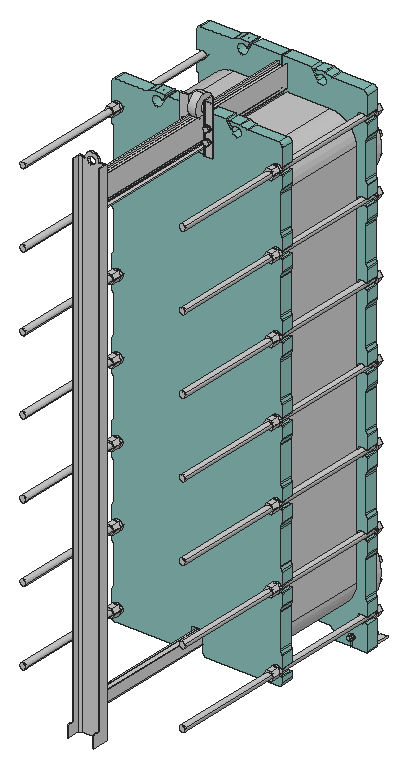
Revit family "MIT 5125 - Heat Exchanger", category Specialty Equipment, Revit 2022
Family settings
  Round Connector Dimension = Use Diameter
  Part Type = Normal
  Work Plane-Based = No
  Always vertical = No
  Cut with Voids When Loaded = No
  Maintain Annotation Orientation = No
  Shared = No
  Room Calculation Point = No
Parameters (values of type "Flanged")
  URL = "https://en.ekinendustriyel.com/plate-heat-exchanger"
  Type Comments = ""
  Tightening Bolt = if(Design Pressure < 11.0 bar, 30.00 mm, if(Design Pressure < 17.0 bar, 36.00 mm, 45.00 mm))  # 30.00 mm
  Thickness_of_Plate [instance] = 0.50 mm  # constant formula
  Number_of_Plate [instance] = 160
  Model = if(Hygienic, if(Design Pressure < 11.0 bar, "H12340000F300L", if(Design Pressure < 16.0 bar, " H12340000F300M", " H12340000F300H")), if(Design Pressure < 10.0 bar, "E12340000F2300L", if(Design Pressure < 16.0 bar, " E12340000F300M", " E12340000F300H")))  # "H12340000F300L"
  Material = Galvanized Steel- S235JR
  Manufacturer = "Ekin Endüstriyel"
  M30 = Design Pressure > 10.0 bar  # no
  Lk [instance] = (Number_of_Plate) * ((Thickness_of_Plate) + 2.50 mm)  # 480.00 mm
  Lh [instance] = 2565.00 mm  # constant formula
  Lf [instance] = 2485.00 mm  # constant formula
  Lc [instance] = if(Number_of_Plate < 161, 1200.00 mm, if(Number_of_Plate < 281, 1800.00 mm, if(Number_of_Plate < 421, 2400.00 mm, 3000.00 mm)))  # 1200.00 mm
  La [instance] = 865.00 mm  # constant formula
  Keynote = ""
  Industrial [instance] = not(Hygienic)  # no
  Hygienic = yes
  Head & Follower Plate [instance] = if(Design Pressure < 11.0 bar, 60.00 mm, if(Design Pressure < 17.0 bar, 70.00 mm, 90.00 mm))  # 60.00 mm
  Follower Plate [instance] = -(Head & Follower Plate)  # -60.00 mm
  Design Pressure = 7 bar
  Description = if(Design Pressure < 11.0 bar, "MIT - Heat Exchanger - 10 bar", if(Design Pressure < 16.0 bar, " MIT - Heat Exchanger - 16 bar", " MIT - Heat Exchanger - 25 bar"))  # "MIT - Heat Exchanger - 10 bar"
  Default Elevation = 0.00 mm
Reference planes
  plane 1 "Center (Front/Back)": y = 0
  plane 2: z = 0
  plane 3 "Center (Left/Right)": x = 0
  plane 4: x = 1160
  plane 5: x = -1000
  plane 6 "2": y = -540
  plane 7 "1": y = -60
  plane 8 "3": y = -1260
  plane 9 "Bolt End": y = 18.7
  plane 10: y = -1200
  plane 11 "12": z = 2256
Forms (mm)
  Extrusion 1, solid, material "Galvanized Steel", detail levels fine
    sketch origin (4.063, 0, 0) x (1, 0, 0) y (0, 0, 1)
      loop
        line (-1.063, 2562) -> (-1.063, 2515.593)
        arc (-1.063, 2515.593) -> (-0.613, 2514.012) -> (0.604, 2512.906) r 3
        arc (0.604, 2512.906) -> (6.437, 2503.5) -> (0.604, 2494.094) r 10.5
        arc (0.604, 2494.094) -> (-0.613, 2492.988) -> (-1.063, 2491.407) r 3
        line (-1.063, 2491.407) -> (-1.063, 2455.593)
        arc (-1.063, 2455.593) -> (-0.613, 2454.012) -> (0.604, 2452.906) r 3
        arc (0.604, 2452.906) -> (-4.063, 2433) -> (-8.73, 2452.906) r 10.5
        arc (-8.73, 2452.906) -> (-7.514, 2454.012) -> (-7.063, 2455.593) r 3
        line (-7.063, 2455.593) -> (-7.063, 2491.407)
        arc (-7.063, 2491.407) -> (-7.514, 2492.988) -> (-8.73, 2494.094) r 3
        arc (-8.73, 2494.094) -> (-14.563, 2503.5) -> (-8.73, 2512.906) r 10.5
        arc (-8.73, 2512.906) -> (-7.514, 2514.012) -> (-7.063, 2515.593) r 3
        line (-7.063, 2515.593) -> (-7.063, 2562)
        arc (-7.063, 2562) -> (-7.942, 2564.121) -> (-10.063, 2565) r 3
        line (-10.063, 2565) -> (-152.101, 2565) -> (-182.412, 2512.5)
        arc (-182.412, 2512.5) -> (-228.985, 2523.022) -> (-184.655, 2540.758) r 25
        arc (-184.655, 2540.758) -> (-182.089, 2539.659) -> (-179.728, 2541.15) r 3
        line (-179.728, 2541.15) -> (-168.556, 2560.5)
        arc (-168.556, 2560.5) -> (-168.556, 2563.5) -> (-171.154, 2565) r 3
        line (-171.154, 2565) -> (-217.536, 2565)
        arc (-217.536, 2565) -> (-221.009, 2564.696) -> (-224.377, 2563.794) r 20
        line (-224.377, 2563.794) -> (-250.719, 2554.206)
        arc (-250.719, 2554.206) -> (-254.086, 2553.304) -> (-257.559, 2553) r 20
        line (-257.559, 2553) -> (-416.563, 2553)
        arc (-416.563, 2553) -> (-430.705, 2547.142) -> (-436.563, 2533) r 20
        line (-436.563, 2533) -> (-436.563, 2446)
        arc (-436.563, 2446) -> (-435.684, 2443.879) -> (-433.563, 2443) r 3
        line (-433.563, 2443) -> (-422.554, 2443)
        arc (-422.554, 2443) -> (-421.636, 2443.144) -> (-420.805, 2443.562) r 3
        arc (-420.805, 2443.562) -> (-387.563, 2426.5) -> (-420.805, 2409.437) r 21
        arc (-420.805, 2409.437) -> (-421.636, 2409.856) -> (-422.554, 2410) r 3
        line (-422.554, 2410) -> (-433.563, 2410)
        arc (-433.563, 2410) -> (-435.684, 2409.121) -> (-436.563, 2407) r 3
        line (-436.563, 2407) -> (-436.563, 2349.506)
        arc (-436.563, 2349.506) -> (-436.259, 2346.033) -> (-435.357, 2342.666) r 20
        line (-435.357, 2342.666) -> (-429.769, 2327.314)
        arc (-429.769, 2327.314) -> (-428.867, 2323.946) -> (-428.563, 2320.473) r 20
        line (-428.563, 2320.473) -> (-428.563, 2152.527)
        arc (-428.563, 2152.527) -> (-428.867, 2149.054) -> (-429.769, 2145.686) r 20
        line (-429.769, 2145.686) -> (-435.357, 2130.334)
        arc (-435.357, 2130.334) -> (-436.259, 2126.967) -> (-436.563, 2123.494) r 20
        line (-436.563, 2123.494) -> (-436.563, 2066)
        arc (-436.563, 2066) -> (-435.684, 2063.879) -> (-433.563, 2063) r 3
        line (-433.563, 2063) -> (-422.554, 2063)
        arc (-422.554, 2063) -> (-421.636, 2063.144) -> (-420.805, 2063.562) r 3
        arc (-420.805, 2063.562) -> (-387.563, 2046.5) -> (-420.805, 2029.437) r 21
        arc (-420.805, 2029.437) -> (-421.636, 2029.856) -> (-422.554, 2030) r 3
        line (-422.554, 2030) -> (-433.563, 2030)
        arc (-433.563, 2030) -> (-435.684, 2029.121) -> (-436.563, 2027) r 3
        line (-436.563, 2027) -> (-436.563, 1969.506)
        arc (-436.563, 1969.506) -> (-436.259, 1966.033) -> (-435.357, 1962.666) r 20
        line (-435.357, 1962.666) -> (-429.769, 1947.314)
        arc (-429.769, 1947.314) -> (-428.867, 1943.946) -> (-428.563, 1940.473) r 20
        line (-428.563, 1940.473) -> (-428.563, 1772.527)
        arc (-428.563, 1772.527) -> (-428.867, 1769.054) -> (-429.769, 1765.686) r 20
        line (-429.769, 1765.686) -> (-435.357, 1750.334)
        arc (-435.357, 1750.334) -> (-436.259, 1746.967) -> (-436.563, 1743.494) r 20
        line (-436.563, 1743.494) -> (-436.563, 1686)
        arc (-436.563, 1686) -> (-435.684, 1683.879) -> (-433.563, 1683) r 3
        line (-433.563, 1683) -> (-422.554, 1683)
        arc (-422.554, 1683) -> (-421.636, 1683.144) -> (-420.805, 1683.562) r 3
        arc (-420.805, 1683.562) -> (-387.563, 1666.5) -> (-420.805, 1649.437) r 21
        arc (-420.805, 1649.437) -> (-421.636, 1649.856) -> (-422.554, 1650) r 3
        line (-422.554, 1650) -> (-433.563, 1650)
        arc (-433.563, 1650) -> (-435.684, 1649.121) -> (-436.563, 1647) r 3
        line (-436.563, 1647) -> (-436.563, 1589.506)
        arc (-436.563, 1589.506) -> (-436.259, 1586.033) -> (-435.357, 1582.666) r 20
        line (-435.357, 1582.666) -> (-429.769, 1567.314)
        arc (-429.769, 1567.314) -> (-428.867, 1563.946) -> (-428.563, 1560.473) r 20
        line (-428.563, 1560.473) -> (-428.563, 1392.527)
        arc (-428.563, 1392.527) -> (-428.867, 1389.054) -> (-429.769, 1385.686) r 20
        line (-429.769, 1385.686) -> (-435.357, 1370.334)
        arc (-435.357, 1370.334) -> (-436.259, 1366.967) -> (-436.563, 1363.494) r 20
        line (-436.563, 1363.494) -> (-436.563, 1306)
        arc (-436.563, 1306) -> (-435.684, 1303.879) -> (-433.563, 1303) r 3
        line (-433.563, 1303) -> (-422.554, 1303)
        arc (-422.554, 1303) -> (-421.636, 1303.144) -> (-420.805, 1303.562) r 3
        arc (-420.805, 1303.562) -> (-387.563, 1286.5) -> (-420.805, 1269.437) r 21
        arc (-420.805, 1269.437) -> (-421.636, 1269.856) -> (-422.554, 1270) r 3
        line (-422.554, 1270) -> (-433.563, 1270)
        arc (-433.563, 1270) -> (-435.684, 1269.121) -> (-436.563, 1267) r 3
        line (-436.563, 1267) -> (-436.563, 1209.506)
        arc (-436.563, 1209.506) -> (-436.259, 1206.033) -> (-435.357, 1202.666) r 20
        line (-435.357, 1202.666) -> (-429.769, 1187.314)
        arc (-429.769, 1187.314) -> (-428.867, 1183.946) -> (-428.563, 1180.473) r 20
        line (-428.563, 1180.473) -> (-428.563, 1012.527)
        arc (-428.563, 1012.527) -> (-428.867, 1009.054) -> (-429.769, 1005.686) r 20
        line (-429.769, 1005.686) -> (-435.357, 990.334)
        arc (-435.357, 990.334) -> (-436.259, 986.967) -> (-436.563, 983.494) r 20
        line (-436.563, 983.494) -> (-436.563, 926)
        arc (-436.563, 926) -> (-435.684, 923.879) -> (-433.563, 923) r 3
        line (-433.563, 923) -> (-422.554, 923)
        arc (-422.554, 923) -> (-421.636, 923.144) -> (-420.805, 923.562) r 3
        arc (-420.805, 923.562) -> (-387.563, 906.5) -> (-420.805, 889.437) r 21
        arc (-420.805, 889.437) -> (-421.636, 889.856) -> (-422.554, 890) r 3
        line (-422.554, 890) -> (-433.563, 890)
        arc (-433.563, 890) -> (-435.684, 889.121) -> (-436.563, 887) r 3
        line (-436.563, 887) -> (-436.563, 829.506)
        arc (-436.563, 829.506) -> (-436.259, 826.033) -> (-435.357, 822.666) r 20
        line (-435.357, 822.666) -> (-429.769, 807.314)
        arc (-429.769, 807.314) -> (-428.867, 803.946) -> (-428.563, 800.473) r 20
        line (-428.563, 800.473) -> (-428.563, 632.527)
        arc (-428.563, 632.527) -> (-428.867, 629.054) -> (-429.769, 625.686) r 20
        line (-429.769, 625.686) -> (-435.357, 610.334)
        arc (-435.357, 610.334) -> (-436.259, 606.967) -> (-436.563, 603.494) r 20
        line (-436.563, 603.494) -> (-436.563, 546)
        arc (-436.563, 546) -> (-435.684, 543.879) -> (-433.563, 543) r 3
        line (-433.563, 543) -> (-422.554, 543)
        arc (-422.554, 543) -> (-421.636, 543.144) -> (-420.805, 543.562) r 3
        arc (-420.805, 543.562) -> (-387.563, 526.5) -> (-420.805, 509.437) r 21
        arc (-420.805, 509.437) -> (-421.636, 509.856) -> (-422.554, 510) r 3
        line (-422.554, 510) -> (-433.563, 510)
        arc (-433.563, 510) -> (-435.684, 509.121) -> (-436.563, 507) r 3
        line (-436.563, 507) -> (-436.563, 449.506)
        arc (-436.563, 449.506) -> (-436.259, 446.033) -> (-435.357, 442.666) r 20
        line (-435.357, 442.666) -> (-429.769, 427.314)
        arc (-429.769, 427.314) -> (-428.867, 423.946) -> (-428.563, 420.473) r 20
        line (-428.563, 420.473) -> (-428.563, 252.527)
        arc (-428.563, 252.527) -> (-428.867, 249.054) -> (-429.769, 245.686) r 20
        line (-429.769, 245.686) -> (-435.357, 230.334)
        arc (-435.357, 230.334) -> (-436.259, 226.967) -> (-436.563, 223.494) r 20
        line (-436.563, 223.494) -> (-436.563, 166)
        arc (-436.563, 166) -> (-435.684, 163.879) -> (-433.563, 163) r 3
        line (-433.563, 163) -> (-422.554, 163)
        arc (-422.554, 163) -> (-421.636, 163.144) -> (-420.805, 163.562) r 3
        arc (-420.805, 163.562) -> (-387.563, 146.5) -> (-420.805, 129.437) r 21
        arc (-420.805, 129.437) -> (-421.636, 129.856) -> (-422.554, 130) r 3
        line (-422.554, 130) -> (-436.563, 130) -> (-436.563, 5)
        arc (-436.563, 5) -> (-435.099, 1.464) -> (-431.563, 0) r 5
        line (-431.563, 0) -> (-362.563, 0)
        arc (-362.563, 0) -> (-360.442, 0.879) -> (-359.563, 3) r 3
        line (-359.563, 3) -> (-359.563, 32.907)
        arc (-359.563, 32.907) -> (-360.014, 34.488) -> (-361.23, 35.594) r 3
        arc (-361.23, 35.594) -> (-356.563, 55.5) -> (-351.896, 35.594) r 10.5
        arc (-351.896, 35.594) -> (-353.113, 34.488) -> (-353.563, 32.907) r 3
        line (-353.563, 32.907) -> (-353.563, 3)
        arc (-353.563, 3) -> (-352.684, 0.879) -> (-350.563, 0) r 3
        line (-350.563, 0) -> (-281.563, 0)
        arc (-281.563, 0) -> (-278.027, 1.464) -> (-276.563, 5) r 5
        line (-276.563, 5) -> (-276.563, 25.858)
        arc (-276.563, 25.858) -> (-275.802, 29.685) -> (-273.634, 32.929) r 10
        line (-273.634, 32.929) -> (-249.492, 57.071)
        arc (-249.492, 57.071) -> (-246.248, 59.239) -> (-242.421, 60) r 10
        line (-242.421, 60) -> (-10.063, 60)
        arc (-10.063, 60) -> (-7.942, 60.879) -> (-7.063, 63) r 3
        line (-7.063, 63) -> (-7.063, 92.407)
        arc (-7.063, 92.407) -> (-7.514, 93.988) -> (-8.73, 95.094) r 3
        arc (-8.73, 95.094) -> (-14.563, 104.5) -> (-8.73, 113.906) r 10.5
        arc (-8.73, 113.906) -> (-7.514, 115.012) -> (-7.063, 116.593) r 3
        line (-7.063, 116.593) -> (-7.063, 152.407)
        arc (-7.063, 152.407) -> (-7.514, 153.988) -> (-8.73, 155.094) r 3
        arc (-8.73, 155.094) -> (-4.063, 175) -> (0.604, 155.094) r 10.5
        arc (0.604, 155.094) -> (-0.613, 153.988) -> (-1.063, 152.407) r 3
        line (-1.063, 152.407) -> (-1.063, 116.593)
        arc (-1.063, 116.593) -> (-0.613, 115.012) -> (0.604, 113.906) r 3
        arc (0.604, 113.906) -> (6.437, 104.5) -> (0.604, 95.094) r 10.5
        arc (0.604, 95.094) -> (-0.613, 93.988) -> (-1.063, 92.407) r 3
        line (-1.063, 92.407) -> (-1.063, 63)
        arc (-1.063, 63) -> (-0.184, 60.879) -> (1.937, 60) r 3
        line (1.937, 60) -> (234.295, 60)
        arc (234.295, 60) -> (238.122, 59.239) -> (241.366, 57.071) r 10
        line (241.366, 57.071) -> (265.508, 32.929)
        arc (265.508, 32.929) -> (267.676, 29.685) -> (268.437, 25.858) r 10
        line (268.437, 25.858) -> (268.437, 5)
        arc (268.437, 5) -> (269.901, 1.464) -> (273.437, 0) r 5
        line (273.437, 0) -> (342.437, 0)
        arc (342.437, 0) -> (344.558, 0.879) -> (345.437, 3) r 3
        line (345.437, 3) -> (345.437, 32.907)
        arc (345.437, 32.907) -> (344.986, 34.488) -> (343.77, 35.594) r 3
        arc (343.77, 35.594) -> (348.437, 55.5) -> (353.104, 35.594) r 10.5
        arc (353.104, 35.594) -> (351.887, 34.488) -> (351.437, 32.907) r 3
        line (351.437, 32.907) -> (351.437, 3)
        arc (351.437, 3) -> (352.316, 0.879) -> (354.437, 0) r 3
        line (354.437, 0) -> (423.437, 0)
        arc (423.437, 0) -> (426.973, 1.464) -> (428.437, 5) r 5
        line (428.437, 5) -> (428.437, 130) -> (414.428, 130)
        arc (414.428, 130) -> (413.509, 129.856) -> (412.679, 129.437) r 3
        arc (412.679, 129.437) -> (379.437, 146.5) -> (412.679, 163.562) r 21
        arc (412.679, 163.562) -> (413.509, 163.144) -> (414.428, 163) r 3
        line (414.428, 163) -> (425.437, 163)
        arc (425.437, 163) -> (427.558, 163.879) -> (428.437, 166) r 3
        line (428.437, 166) -> (428.437, 223.494)
        arc (428.437, 223.494) -> (428.133, 226.967) -> (427.231, 230.334) r 20
        line (427.231, 230.334) -> (421.643, 245.686)
        arc (421.643, 245.686) -> (420.741, 249.054) -> (420.437, 252.527) r 20
        line (420.437, 252.527) -> (420.437, 420.473)
        arc (420.437, 420.473) -> (420.741, 423.946) -> (421.643, 427.314) r 20
        line (421.643, 427.314) -> (427.231, 442.666)
        arc (427.231, 442.666) -> (428.133, 446.033) -> (428.437, 449.506) r 20
        line (428.437, 449.506) -> (428.437, 507)
        arc (428.437, 507) -> (427.558, 509.121) -> (425.437, 510) r 3
        line (425.437, 510) -> (414.428, 510)
        arc (414.428, 510) -> (413.509, 509.856) -> (412.679, 509.437) r 3
        arc (412.679, 509.437) -> (379.437, 526.5) -> (412.679, 543.562) r 21
        arc (412.679, 543.562) -> (413.509, 543.144) -> (414.428, 543) r 3
        line (414.428, 543) -> (425.437, 543)
        arc (425.437, 543) -> (427.558, 543.879) -> (428.437, 546) r 3
        line (428.437, 546) -> (428.437, 603.494)
        arc (428.437, 603.494) -> (428.133, 606.967) -> (427.231, 610.334) r 20
        line (427.231, 610.334) -> (421.643, 625.686)
        arc (421.643, 625.686) -> (420.741, 629.054) -> (420.437, 632.527) r 20
        line (420.437, 632.527) -> (420.437, 800.473)
        arc (420.437, 800.473) -> (420.741, 803.946) -> (421.643, 807.314) r 20
        line (421.643, 807.314) -> (427.231, 822.666)
        arc (427.231, 822.666) -> (428.133, 826.033) -> (428.437, 829.506) r 20
        line (428.437, 829.506) -> (428.437, 887)
        arc (428.437, 887) -> (427.558, 889.121) -> (425.437, 890) r 3
        line (425.437, 890) -> (414.428, 890)
        arc (414.428, 890) -> (413.509, 889.856) -> (412.679, 889.437) r 3
        arc (412.679, 889.437) -> (379.437, 906.5) -> (412.679, 923.562) r 21
        arc (412.679, 923.562) -> (413.509, 923.144) -> (414.428, 923) r 3
        line (414.428, 923) -> (425.437, 923)
        arc (425.437, 923) -> (427.558, 923.879) -> (428.437, 926) r 3
        line (428.437, 926) -> (428.437, 983.494)
        arc (428.437, 983.494) -> (428.133, 986.967) -> (427.231, 990.334) r 20
        line (427.231, 990.334) -> (421.643, 1005.686)
        arc (421.643, 1005.686) -> (420.741, 1009.054) -> (420.437, 1012.527) r 20
        line (420.437, 1012.527) -> (420.437, 1180.473)
        arc (420.437, 1180.473) -> (420.741, 1183.946) -> (421.643, 1187.314) r 20
        line (421.643, 1187.314) -> (427.231, 1202.666)
        arc (427.231, 1202.666) -> (428.133, 1206.033) -> (428.437, 1209.506) r 20
        line (428.437, 1209.506) -> (428.437, 1267)
        arc (428.437, 1267) -> (427.558, 1269.121) -> (425.437, 1270) r 3
        line (425.437, 1270) -> (414.428, 1270)
        arc (414.428, 1270) -> (413.509, 1269.856) -> (412.679, 1269.437) r 3
        arc (412.679, 1269.437) -> (379.437, 1286.5) -> (412.679, 1303.562) r 21
        arc (412.679, 1303.562) -> (413.509, 1303.144) -> (414.428, 1303) r 3
        line (414.428, 1303) -> (425.437, 1303)
        arc (425.437, 1303) -> (427.558, 1303.879) -> (428.437, 1306) r 3
        line (428.437, 1306) -> (428.437, 1363.494)
        arc (428.437, 1363.494) -> (428.133, 1366.967) -> (427.231, 1370.334) r 20
        line (427.231, 1370.334) -> (421.643, 1385.686)
        arc (421.643, 1385.686) -> (420.741, 1389.054) -> (420.437, 1392.527) r 20
        line (420.437, 1392.527) -> (420.437, 1560.473)
        arc (420.437, 1560.473) -> (420.741, 1563.946) -> (421.643, 1567.314) r 20
        line (421.643, 1567.314) -> (427.231, 1582.666)
        arc (427.231, 1582.666) -> (428.133, 1586.033) -> (428.437, 1589.506) r 20
        line (428.437, 1589.506) -> (428.437, 1647)
        arc (428.437, 1647) -> (427.558, 1649.121) -> (425.437, 1650) r 3
        line (425.437, 1650) -> (414.428, 1650)
        arc (414.428, 1650) -> (413.509, 1649.856) -> (412.679, 1649.437) r 3
        arc (412.679, 1649.437) -> (379.437, 1666.5) -> (412.679, 1683.562) r 21
        arc (412.679, 1683.562) -> (413.509, 1683.144) -> (414.428, 1683) r 3
        line (414.428, 1683) -> (425.437, 1683)
        arc (425.437, 1683) -> (427.558, 1683.879) -> (428.437, 1686) r 3
        line (428.437, 1686) -> (428.437, 1743.494)
        arc (428.437, 1743.494) -> (428.133, 1746.967) -> (427.231, 1750.334) r 20
        line (427.231, 1750.334) -> (421.643, 1765.686)
        arc (421.643, 1765.686) -> (420.741, 1769.054) -> (420.437, 1772.527) r 20
        line (420.437, 1772.527) -> (420.437, 1940.473)
        arc (420.437, 1940.473) -> (420.741, 1943.946) -> (421.643, 1947.314) r 20
        line (421.643, 1947.314) -> (427.231, 1962.666)
        arc (427.231, 1962.666) -> (428.133, 1966.033) -> (428.437, 1969.506) r 20
        line (428.437, 1969.506) -> (428.437, 2027)
        arc (428.437, 2027) -> (427.558, 2029.121) -> (425.437, 2030) r 3
        line (425.437, 2030) -> (414.428, 2030)
        arc (414.428, 2030) -> (413.509, 2029.856) -> (412.679, 2029.437) r 3
        arc (412.679, 2029.437) -> (379.437, 2046.5) -> (412.679, 2063.562) r 21
        arc (412.679, 2063.562) -> (413.509, 2063.144) -> (414.428, 2063) r 3
        line (414.428, 2063) -> (425.437, 2063)
        arc (425.437, 2063) -> (427.558, 2063.879) -> (428.437, 2066) r 3
        line (428.437, 2066) -> (428.437, 2123.494)
        arc (428.437, 2123.494) -> (428.133, 2126.967) -> (427.231, 2130.334) r 20
        line (427.231, 2130.334) -> (421.643, 2145.686)
        arc (421.643, 2145.686) -> (420.741, 2149.054) -> (420.437, 2152.527) r 20
        line (420.437, 2152.527) -> (420.437, 2320.473)
        arc (420.437, 2320.473) -> (420.741, 2323.946) -> (421.643, 2327.314) r 20
        line (421.643, 2327.314) -> (427.231, 2342.666)
        arc (427.231, 2342.666) -> (428.133, 2346.033) -> (428.437, 2349.506) r 20
        line (428.437, 2349.506) -> (428.437, 2407)
        arc (428.437, 2407) -> (427.558, 2409.121) -> (425.437, 2410) r 3
        line (425.437, 2410) -> (414.428, 2410)
        arc (414.428, 2410) -> (413.509, 2409.856) -> (412.679, 2409.437) r 3
        arc (412.679, 2409.437) -> (379.437, 2426.5) -> (412.679, 2443.562) r 21
        arc (412.679, 2443.562) -> (413.509, 2443.144) -> (414.428, 2443) r 3
        line (414.428, 2443) -> (425.437, 2443)
        arc (425.437, 2443) -> (427.558, 2443.879) -> (428.437, 2446) r 3
        line (428.437, 2446) -> (428.437, 2533)
        arc (428.437, 2533) -> (422.579, 2547.142) -> (408.437, 2553) r 20
        line (408.437, 2553) -> (249.433, 2553)
        arc (249.433, 2553) -> (245.96, 2553.304) -> (242.593, 2554.206) r 20
        line (242.593, 2554.206) -> (216.251, 2563.794)
        arc (216.251, 2563.794) -> (212.883, 2564.696) -> (209.41, 2565) r 20
        line (209.41, 2565) -> (163.028, 2565)
        arc (163.028, 2565) -> (160.43, 2563.5) -> (160.43, 2560.5) r 3
        line (160.43, 2560.5) -> (171.602, 2541.15)
        arc (171.602, 2541.15) -> (173.963, 2539.659) -> (176.529, 2540.758) r 3
        arc (176.529, 2540.758) -> (220.859, 2523.022) -> (174.286, 2512.5) r 25
        line (174.286, 2512.5) -> (143.975, 2565) -> (1.937, 2565)
        arc (1.937, 2565) -> (-0.184, 2564.121) -> (-1.063, 2562) r 3
      loop
        circle (215.437, 2256) r 109
      loop
        circle (215.437, 317) r 109
      loop
        circle (-223.563, 2256) r 109
      loop
        circle (-223.563, 317) r 109
    from 0 to 60
  Extrusion 2, solid, material "Galvanized Steel", detail levels fine
    sketch origin (4.063, -540, 0) x (-1, 0, 0) y (0, 0, 1)
      loop
        line (-54.187, 2513) -> (-54.187, 2562)
        arc (-54.187, 2562) -> (-55.066, 2564.121) -> (-57.187, 2565) r 3
        line (-57.187, 2565) -> (-142.243, 2565)
        arc (-142.243, 2565) -> (-143.743, 2564.598) -> (-144.841, 2563.5) r 3
        line (-144.841, 2563.5) -> (-174.286, 2512.5)
        arc (-174.286, 2512.5) -> (-220.917, 2523.992) -> (-175.364, 2539.204) r 25
        arc (-175.364, 2539.204) -> (-172.775, 2537.911) -> (-170.297, 2539.409) r 3
        line (-170.297, 2539.409) -> (-158.121, 2560.5)
        arc (-158.121, 2560.5) -> (-158.121, 2563.5) -> (-160.719, 2565) r 3
        line (-160.719, 2565) -> (-212.41, 2565)
        arc (-212.41, 2565) -> (-215.883, 2564.696) -> (-219.251, 2563.794) r 20
        line (-219.251, 2563.794) -> (-245.593, 2554.206)
        arc (-245.593, 2554.206) -> (-248.96, 2553.304) -> (-252.433, 2553) r 20
        line (-252.433, 2553) -> (-408.437, 2553)
        arc (-408.437, 2553) -> (-422.579, 2547.142) -> (-428.437, 2533) r 20
        line (-428.437, 2533) -> (-428.437, 2446)
        arc (-428.437, 2446) -> (-427.558, 2443.879) -> (-425.437, 2443) r 3
        line (-425.437, 2443) -> (-414.428, 2443)
        arc (-414.428, 2443) -> (-413.509, 2443.144) -> (-412.679, 2443.563) r 3
        arc (-412.679, 2443.563) -> (-379.437, 2426.5) -> (-412.679, 2409.437) r 21
        arc (-412.679, 2409.437) -> (-413.509, 2409.856) -> (-414.428, 2410) r 3
        line (-414.428, 2410) -> (-425.437, 2410)
        arc (-425.437, 2410) -> (-427.558, 2409.121) -> (-428.437, 2407) r 3
        line (-428.437, 2407) -> (-428.437, 2349.506)
        arc (-428.437, 2349.506) -> (-428.133, 2346.033) -> (-427.231, 2342.666) r 20
        line (-427.231, 2342.666) -> (-421.643, 2327.314)
        arc (-421.643, 2327.314) -> (-420.741, 2323.946) -> (-420.437, 2320.473) r 20
        line (-420.437, 2320.473) -> (-420.437, 2152.527)
        arc (-420.437, 2152.527) -> (-420.741, 2149.054) -> (-421.643, 2145.686) r 20
        line (-421.643, 2145.686) -> (-427.231, 2130.334)
        arc (-427.231, 2130.334) -> (-428.133, 2126.967) -> (-428.437, 2123.494) r 20
        line (-428.437, 2123.494) -> (-428.437, 2066)
        arc (-428.437, 2066) -> (-427.558, 2063.879) -> (-425.437, 2063) r 3
        line (-425.437, 2063) -> (-414.428, 2063)
        arc (-414.428, 2063) -> (-413.509, 2063.144) -> (-412.679, 2063.563) r 3
        arc (-412.679, 2063.563) -> (-379.437, 2046.5) -> (-412.679, 2029.437) r 21
        arc (-412.679, 2029.437) -> (-413.509, 2029.856) -> (-414.428, 2030) r 3
        line (-414.428, 2030) -> (-425.437, 2030)
        arc (-425.437, 2030) -> (-427.558, 2029.121) -> (-428.437, 2027) r 3
        line (-428.437, 2027) -> (-428.437, 1969.506)
        arc (-428.437, 1969.506) -> (-428.133, 1966.033) -> (-427.231, 1962.666) r 20
        line (-427.231, 1962.666) -> (-421.643, 1947.314)
        arc (-421.643, 1947.314) -> (-420.741, 1943.946) -> (-420.437, 1940.473) r 20
        line (-420.437, 1940.473) -> (-420.437, 1772.527)
        arc (-420.437, 1772.527) -> (-420.741, 1769.054) -> (-421.643, 1765.686) r 20
        line (-421.643, 1765.686) -> (-427.231, 1750.334)
        arc (-427.231, 1750.334) -> (-428.133, 1746.967) -> (-428.437, 1743.494) r 20
        line (-428.437, 1743.494) -> (-428.437, 1686)
        arc (-428.437, 1686) -> (-427.558, 1683.879) -> (-425.437, 1683) r 3
        line (-425.437, 1683) -> (-414.428, 1683)
        arc (-414.428, 1683) -> (-413.509, 1683.144) -> (-412.679, 1683.563) r 3
        arc (-412.679, 1683.563) -> (-379.437, 1666.5) -> (-412.679, 1649.437) r 21
        arc (-412.679, 1649.437) -> (-413.509, 1649.856) -> (-414.428, 1650) r 3
        line (-414.428, 1650) -> (-425.437, 1650)
        arc (-425.437, 1650) -> (-427.558, 1649.121) -> (-428.437, 1647) r 3
        line (-428.437, 1647) -> (-428.437, 1589.506)
        arc (-428.437, 1589.506) -> (-428.133, 1586.033) -> (-427.231, 1582.666) r 20
        line (-427.231, 1582.666) -> (-421.643, 1567.314)
        arc (-421.643, 1567.314) -> (-420.741, 1563.946) -> (-420.437, 1560.473) r 20
        line (-420.437, 1560.473) -> (-420.437, 1392.527)
        arc (-420.437, 1392.527) -> (-420.741, 1389.054) -> (-421.643, 1385.686) r 20
        line (-421.643, 1385.686) -> (-427.231, 1370.334)
        arc (-427.231, 1370.334) -> (-428.133, 1366.967) -> (-428.437, 1363.494) r 20
        line (-428.437, 1363.494) -> (-428.437, 1306)
        arc (-428.437, 1306) -> (-427.558, 1303.879) -> (-425.437, 1303) r 3
        line (-425.437, 1303) -> (-414.428, 1303)
        arc (-414.428, 1303) -> (-413.509, 1303.144) -> (-412.679, 1303.563) r 3
        arc (-412.679, 1303.563) -> (-379.437, 1286.5) -> (-412.679, 1269.437) r 21
        arc (-412.679, 1269.437) -> (-413.509, 1269.856) -> (-414.428, 1270) r 3
        line (-414.428, 1270) -> (-425.437, 1270)
        arc (-425.437, 1270) -> (-427.558, 1269.121) -> (-428.437, 1267) r 3
        line (-428.437, 1267) -> (-428.437, 1209.506)
        arc (-428.437, 1209.506) -> (-428.133, 1206.033) -> (-427.231, 1202.666) r 20
        line (-427.231, 1202.666) -> (-421.643, 1187.314)
        arc (-421.643, 1187.314) -> (-420.741, 1183.946) -> (-420.437, 1180.473) r 20
        line (-420.437, 1180.473) -> (-420.437, 1012.527)
        arc (-420.437, 1012.527) -> (-420.741, 1009.054) -> (-421.643, 1005.686) r 20
        line (-421.643, 1005.686) -> (-427.231, 990.334)
        arc (-427.231, 990.334) -> (-428.133, 986.967) -> (-428.437, 983.494) r 20
        line (-428.437, 983.494) -> (-428.437, 926)
        arc (-428.437, 926) -> (-427.558, 923.879) -> (-425.437, 923) r 3
        line (-425.437, 923) -> (-414.428, 923)
        arc (-414.428, 923) -> (-413.509, 923.144) -> (-412.679, 923.563) r 3
        arc (-412.679, 923.563) -> (-379.437, 906.5) -> (-412.679, 889.437) r 21
        arc (-412.679, 889.437) -> (-413.509, 889.856) -> (-414.428, 890) r 3
        line (-414.428, 890) -> (-425.437, 890)
        arc (-425.437, 890) -> (-427.558, 889.121) -> (-428.437, 887) r 3
        line (-428.437, 887) -> (-428.437, 829.506)
        arc (-428.437, 829.506) -> (-428.133, 826.033) -> (-427.231, 822.666) r 20
        line (-427.231, 822.666) -> (-421.643, 807.314)
        arc (-421.643, 807.314) -> (-420.741, 803.946) -> (-420.437, 800.473) r 20
        line (-420.437, 800.473) -> (-420.437, 632.527)
        arc (-420.437, 632.527) -> (-420.741, 629.054) -> (-421.643, 625.686) r 20
        line (-421.643, 625.686) -> (-427.231, 610.334)
        arc (-427.231, 610.334) -> (-428.133, 606.967) -> (-428.437, 603.494) r 20
        line (-428.437, 603.494) -> (-428.437, 546)
        arc (-428.437, 546) -> (-427.558, 543.879) -> (-425.437, 543) r 3
        line (-425.437, 543) -> (-414.428, 543)
        arc (-414.428, 543) -> (-413.509, 543.144) -> (-412.679, 543.563) r 3
        arc (-412.679, 543.563) -> (-379.437, 526.5) -> (-412.679, 509.437) r 21
        arc (-412.679, 509.437) -> (-413.509, 509.856) -> (-414.428, 510) r 3
        line (-414.428, 510) -> (-425.437, 510)
        arc (-425.437, 510) -> (-427.558, 509.121) -> (-428.437, 507) r 3
        line (-428.437, 507) -> (-428.437, 449.506)
        arc (-428.437, 449.506) -> (-428.133, 446.033) -> (-427.231, 442.666) r 20
        line (-427.231, 442.666) -> (-421.643, 427.314)
        arc (-421.643, 427.314) -> (-420.741, 423.946) -> (-420.437, 420.473) r 20
        line (-420.437, 420.473) -> (-420.437, 252.527)
        arc (-420.437, 252.527) -> (-420.741, 249.054) -> (-421.643, 245.686) r 20
        line (-421.643, 245.686) -> (-427.231, 230.334)
        arc (-427.231, 230.334) -> (-428.133, 226.967) -> (-428.437, 223.494) r 20
        line (-428.437, 223.494) -> (-428.437, 166)
        arc (-428.437, 166) -> (-427.558, 163.879) -> (-425.437, 163) r 3
        line (-425.437, 163) -> (-414.428, 163)
        arc (-414.428, 163) -> (-413.509, 163.144) -> (-412.679, 163.563) r 3
        arc (-412.679, 163.563) -> (-379.437, 146.5) -> (-412.679, 129.437) r 21
        arc (-412.679, 129.437) -> (-413.509, 129.856) -> (-414.428, 130) r 3
        line (-414.428, 130) -> (-425.437, 130)
        arc (-425.437, 130) -> (-427.558, 129.121) -> (-428.437, 127) r 3
        line (-428.437, 127) -> (-428.437, 100)
        arc (-428.437, 100) -> (-422.579, 85.858) -> (-408.437, 80) r 20
        line (-408.437, 80) -> (-45.937, 80)
        arc (-45.937, 80) -> (-31.795, 85.858) -> (-25.937, 100) r 20
        line (-25.937, 100) -> (-25.937, 195)
        arc (-25.937, 195) -> (-25.058, 197.121) -> (-22.937, 198) r 3
        line (-22.937, 198) -> (31.063, 198)
        arc (31.063, 198) -> (33.184, 197.121) -> (34.063, 195) r 3
        line (34.063, 195) -> (34.063, 100)
        arc (34.063, 100) -> (39.921, 85.858) -> (54.063, 80) r 20
        line (54.063, 80) -> (416.563, 80)
        arc (416.563, 80) -> (430.705, 85.858) -> (436.563, 100) r 20
        line (436.563, 100) -> (436.563, 127)
        arc (436.563, 127) -> (435.684, 129.121) -> (433.563, 130) r 3
        line (433.563, 130) -> (422.554, 130)
        arc (422.554, 130) -> (421.636, 129.856) -> (420.805, 129.437) r 3
        arc (420.805, 129.437) -> (387.563, 146.5) -> (420.805, 163.563) r 21
        arc (420.805, 163.563) -> (421.636, 163.144) -> (422.554, 163) r 3
        line (422.554, 163) -> (433.563, 163)
        arc (433.563, 163) -> (435.684, 163.879) -> (436.563, 166) r 3
        line (436.563, 166) -> (436.563, 223.494)
        arc (436.563, 223.494) -> (436.259, 226.967) -> (435.357, 230.334) r 20
        line (435.357, 230.334) -> (429.769, 245.686)
        arc (429.769, 245.686) -> (428.867, 249.054) -> (428.563, 252.527) r 20
        line (428.563, 252.527) -> (428.563, 420.473)
        arc (428.563, 420.473) -> (428.867, 423.946) -> (429.769, 427.314) r 20
        line (429.769, 427.314) -> (435.357, 442.666)
        arc (435.357, 442.666) -> (436.259, 446.033) -> (436.563, 449.506) r 20
        line (436.563, 449.506) -> (436.563, 507)
        arc (436.563, 507) -> (435.684, 509.121) -> (433.563, 510) r 3
        line (433.563, 510) -> (422.554, 510)
        arc (422.554, 510) -> (421.636, 509.856) -> (420.805, 509.437) r 3
        arc (420.805, 509.437) -> (387.563, 526.5) -> (420.805, 543.563) r 21
        arc (420.805, 543.563) -> (421.636, 543.144) -> (422.554, 543) r 3
        line (422.554, 543) -> (433.563, 543)
        arc (433.563, 543) -> (435.684, 543.879) -> (436.563, 546) r 3
        line (436.563, 546) -> (436.563, 603.494)
        arc (436.563, 603.494) -> (436.259, 606.967) -> (435.357, 610.334) r 20
        line (435.357, 610.334) -> (429.769, 625.686)
        arc (429.769, 625.686) -> (428.867, 629.054) -> (428.563, 632.527) r 20
        line (428.563, 632.527) -> (428.563, 800.473)
        arc (428.563, 800.473) -> (428.867, 803.946) -> (429.769, 807.314) r 20
        line (429.769, 807.314) -> (435.357, 822.666)
        arc (435.357, 822.666) -> (436.259, 826.033) -> (436.563, 829.506) r 20
        line (436.563, 829.506) -> (436.563, 887)
        arc (436.563, 887) -> (435.684, 889.121) -> (433.563, 890) r 3
        line (433.563, 890) -> (422.554, 890)
        arc (422.554, 890) -> (421.636, 889.856) -> (420.805, 889.437) r 3
        arc (420.805, 889.437) -> (387.563, 906.5) -> (420.805, 923.563) r 21
        arc (420.805, 923.563) -> (421.636, 923.144) -> (422.554, 923) r 3
        line (422.554, 923) -> (433.563, 923)
        arc (433.563, 923) -> (435.684, 923.879) -> (436.563, 926) r 3
        line (436.563, 926) -> (436.563, 983.494)
        arc (436.563, 983.494) -> (436.259, 986.967) -> (435.357, 990.334) r 20
        line (435.357, 990.334) -> (429.769, 1005.686)
        arc (429.769, 1005.686) -> (428.867, 1009.054) -> (428.563, 1012.527) r 20
        line (428.563, 1012.527) -> (428.563, 1180.473)
        arc (428.563, 1180.473) -> (428.867, 1183.946) -> (429.769, 1187.314) r 20
        line (429.769, 1187.314) -> (435.357, 1202.666)
        arc (435.357, 1202.666) -> (436.259, 1206.033) -> (436.563, 1209.506) r 20
        line (436.563, 1209.506) -> (436.563, 1267)
        arc (436.563, 1267) -> (435.684, 1269.121) -> (433.563, 1270) r 3
        line (433.563, 1270) -> (422.554, 1270)
        arc (422.554, 1270) -> (421.636, 1269.856) -> (420.805, 1269.437) r 3
        arc (420.805, 1269.437) -> (387.563, 1286.5) -> (420.805, 1303.563) r 21
        arc (420.805, 1303.563) -> (421.636, 1303.144) -> (422.554, 1303) r 3
        line (422.554, 1303) -> (433.563, 1303)
        arc (433.563, 1303) -> (435.684, 1303.879) -> (436.563, 1306) r 3
        line (436.563, 1306) -> (436.563, 1363.494)
        arc (436.563, 1363.494) -> (436.259, 1366.967) -> (435.357, 1370.334) r 20
        line (435.357, 1370.334) -> (429.769, 1385.686)
        arc (429.769, 1385.686) -> (428.867, 1389.054) -> (428.563, 1392.527) r 20
        line (428.563, 1392.527) -> (428.563, 1560.473)
        arc (428.563, 1560.473) -> (428.867, 1563.946) -> (429.769, 1567.314) r 20
        line (429.769, 1567.314) -> (435.357, 1582.666)
        arc (435.357, 1582.666) -> (436.259, 1586.033) -> (436.563, 1589.506) r 20
        line (436.563, 1589.506) -> (436.563, 1647)
        arc (436.563, 1647) -> (435.684, 1649.121) -> (433.563, 1650) r 3
        line (433.563, 1650) -> (422.554, 1650)
        arc (422.554, 1650) -> (421.636, 1649.856) -> (420.805, 1649.437) r 3
        arc (420.805, 1649.437) -> (387.563, 1666.5) -> (420.805, 1683.563) r 21
        arc (420.805, 1683.563) -> (421.636, 1683.144) -> (422.554, 1683) r 3
        line (422.554, 1683) -> (433.563, 1683)
        arc (433.563, 1683) -> (435.684, 1683.879) -> (436.563, 1686) r 3
        line (436.563, 1686) -> (436.563, 1743.494)
        arc (436.563, 1743.494) -> (436.259, 1746.967) -> (435.357, 1750.334) r 20
        line (435.357, 1750.334) -> (429.769, 1765.686)
        arc (429.769, 1765.686) -> (428.867, 1769.054) -> (428.563, 1772.527) r 20
        line (428.563, 1772.527) -> (428.563, 1940.473)
        arc (428.563, 1940.473) -> (428.867, 1943.946) -> (429.769, 1947.314) r 20
        line (429.769, 1947.314) -> (435.357, 1962.666)
        arc (435.357, 1962.666) -> (436.259, 1966.033) -> (436.563, 1969.506) r 20
        line (436.563, 1969.506) -> (436.563, 2027)
        arc (436.563, 2027) -> (435.684, 2029.121) -> (433.563, 2030) r 3
        line (433.563, 2030) -> (422.554, 2030)
        arc (422.554, 2030) -> (421.636, 2029.856) -> (420.805, 2029.437) r 3
        arc (420.805, 2029.437) -> (387.563, 2046.5) -> (420.805, 2063.563) r 21
        arc (420.805, 2063.563) -> (421.636, 2063.144) -> (422.554, 2063) r 3
        line (422.554, 2063) -> (433.563, 2063)
        arc (433.563, 2063) -> (435.684, 2063.879) -> (436.563, 2066) r 3
        line (436.563, 2066) -> (436.563, 2123.494)
        arc (436.563, 2123.494) -> (436.259, 2126.967) -> (435.357, 2130.334) r 20
        line (435.357, 2130.334) -> (429.769, 2145.686)
        arc (429.769, 2145.686) -> (428.867, 2149.054) -> (428.563, 2152.527) r 20
        line (428.563, 2152.527) -> (428.563, 2320.473)
        arc (428.563, 2320.473) -> (428.867, 2323.946) -> (429.769, 2327.314) r 20
        line (429.769, 2327.314) -> (435.357, 2342.666)
        arc (435.357, 2342.666) -> (436.259, 2346.033) -> (436.563, 2349.506) r 20
        line (436.563, 2349.506) -> (436.563, 2407)
        arc (436.563, 2407) -> (435.684, 2409.121) -> (433.563, 2410) r 3
        line (433.563, 2410) -> (422.554, 2410)
        arc (422.554, 2410) -> (421.636, 2409.856) -> (420.805, 2409.437) r 3
        arc (420.805, 2409.437) -> (387.563, 2426.5) -> (420.805, 2443.563) r 21
        arc (420.805, 2443.563) -> (421.636, 2443.144) -> (422.554, 2443) r 3
        line (422.554, 2443) -> (433.563, 2443)
        arc (433.563, 2443) -> (435.684, 2443.879) -> (436.563, 2446) r 3
        line (436.563, 2446) -> (436.563, 2533)
        arc (436.563, 2533) -> (430.705, 2547.142) -> (416.563, 2553) r 20
        line (416.563, 2553) -> (260.559, 2553)
        arc (260.559, 2553) -> (257.086, 2553.304) -> (253.719, 2554.206) r 20
        line (253.719, 2554.206) -> (227.377, 2563.794)
        arc (227.377, 2563.794) -> (224.009, 2564.696) -> (220.536, 2565) r 20
        line (220.536, 2565) -> (168.845, 2565)
        arc (168.845, 2565) -> (166.247, 2563.5) -> (166.247, 2560.5) r 3
        line (166.247, 2560.5) -> (178.424, 2539.409)
        arc (178.424, 2539.409) -> (180.901, 2537.911) -> (183.49, 2539.204) r 3
        arc (183.49, 2539.204) -> (229.043, 2523.992) -> (182.412, 2512.5) r 25
        line (182.412, 2512.5) -> (152.968, 2563.5)
        arc (152.968, 2563.5) -> (151.869, 2564.598) -> (150.369, 2565) r 3
        line (150.369, 2565) -> (65.313, 2565)
        arc (65.313, 2565) -> (63.192, 2564.121) -> (62.313, 2562) r 3
        line (62.313, 2562) -> (62.313, 2513)
        arc (62.313, 2513) -> (61.434, 2510.879) -> (59.313, 2510) r 3
        line (59.313, 2510) -> (48.063, 2510)
        arc (48.063, 2510) -> (45.942, 2509.121) -> (45.063, 2507) r 3
        line (45.063, 2507) -> (45.063, 2498.5)
        arc (45.063, 2498.5) -> (45.942, 2496.379) -> (48.063, 2495.5) r 3
        line (48.063, 2495.5) -> (49.72, 2495.5)
        arc (49.72, 2495.5) -> (51.301, 2495.95) -> (52.407, 2497.167) r 3
        arc (52.407, 2497.167) -> (72.313, 2492.5) -> (52.407, 2487.833) r 10.5
        arc (52.407, 2487.833) -> (51.301, 2489.05) -> (49.72, 2489.5) r 3
        line (49.72, 2489.5) -> (48.063, 2489.5)
        arc (48.063, 2489.5) -> (45.942, 2488.621) -> (45.063, 2486.5) r 3
        line (45.063, 2486.5) -> (45.063, 2438.5)
        arc (45.063, 2438.5) -> (45.942, 2436.379) -> (48.063, 2435.5) r 3
        line (48.063, 2435.5) -> (49.72, 2435.5)
        arc (49.72, 2435.5) -> (51.301, 2435.95) -> (52.407, 2437.167) r 3
        arc (52.407, 2437.167) -> (72.313, 2432.5) -> (52.407, 2427.833) r 10.5
        arc (52.407, 2427.833) -> (51.301, 2429.05) -> (49.72, 2429.5) r 3
        line (49.72, 2429.5) -> (48.063, 2429.5)
        arc (48.063, 2429.5) -> (45.942, 2428.621) -> (45.063, 2426.5) r 3
        line (45.063, 2426.5) -> (45.063, 2368)
        arc (45.063, 2368) -> (44.184, 2365.879) -> (42.063, 2365) r 3
        line (42.063, 2365) -> (-33.937, 2365)
        arc (-33.937, 2365) -> (-36.058, 2365.879) -> (-36.937, 2368) r 3
        line (-36.937, 2368) -> (-36.937, 2426.5)
        arc (-36.937, 2426.5) -> (-37.816, 2428.621) -> (-39.937, 2429.5) r 3
        line (-39.937, 2429.5) -> (-41.594, 2429.5)
        arc (-41.594, 2429.5) -> (-43.175, 2429.05) -> (-44.281, 2427.833) r 3
        arc (-44.281, 2427.833) -> (-64.187, 2432.5) -> (-44.281, 2437.167) r 10.5
        arc (-44.281, 2437.167) -> (-43.175, 2435.95) -> (-41.594, 2435.5) r 3
        line (-41.594, 2435.5) -> (-39.937, 2435.5)
        arc (-39.937, 2435.5) -> (-37.816, 2436.379) -> (-36.937, 2438.5) r 3
        line (-36.937, 2438.5) -> (-36.937, 2486.5)
        arc (-36.937, 2486.5) -> (-37.816, 2488.621) -> (-39.937, 2489.5) r 3
        line (-39.937, 2489.5) -> (-41.594, 2489.5)
        arc (-41.594, 2489.5) -> (-43.175, 2489.05) -> (-44.281, 2487.833) r 3
        arc (-44.281, 2487.833) -> (-64.187, 2492.5) -> (-44.281, 2497.167) r 10.5
        arc (-44.281, 2497.167) -> (-43.175, 2495.95) -> (-41.594, 2495.5) r 3
        line (-41.594, 2495.5) -> (-39.937, 2495.5)
        arc (-39.937, 2495.5) -> (-37.816, 2496.379) -> (-36.937, 2498.5) r 3
        line (-36.937, 2498.5) -> (-36.937, 2507)
        arc (-36.937, 2507) -> (-37.816, 2509.121) -> (-39.937, 2510) r 3
        line (-39.937, 2510) -> (-51.187, 2510)
        arc (-51.187, 2510) -> (-53.308, 2510.879) -> (-54.187, 2513) r 3
    from 0 to -60 <- "Follower Plate"
  Extrusion 3, solid, material "Galvanized Steel- S235JR"
    sketch origin (0, 0, 0) x (1, 0, 0) y (0, 0, 1)
      loop
        line (-18, 124.5) -> (18, 124.5)
        arc (18, 124.5) -> (19.414, 125.086) -> (20, 126.5) r 2
        line (20, 126.5) -> (20, 182.5)
        arc (20, 182.5) -> (19.414, 183.914) -> (18, 184.5) r 2
        line (18, 184.5) -> (-18, 184.5)
        arc (-18, 184.5) -> (-19.414, 183.914) -> (-20, 182.5) r 2
        line (-20, 182.5) -> (-20, 126.5)
        arc (-20, 126.5) -> (-19.414, 125.086) -> (-18, 124.5) r 2
      loop
        line (-13, 129.5) -> (13, 129.5)
        arc (13, 129.5) -> (14.414, 130.086) -> (15, 131.5) r 2
        line (15, 131.5) -> (15, 177.5)
        arc (15, 177.5) -> (14.414, 178.914) -> (13, 179.5) r 2
        line (13, 179.5) -> (-13, 179.5)
        arc (-13, 179.5) -> (-14.414, 178.914) -> (-15, 177.5) r 2
        line (-15, 177.5) -> (-15, 131.5)
        arc (-15, 131.5) -> (-14.414, 130.086) -> (-13, 129.5) r 2
      loop
        line (-21.125, 2420.5) -> (-6.125, 2420.5)
        arc (-6.125, 2420.5) -> (-4.004, 2419.621) -> (-3.125, 2417.5) r 3
        line (-3.125, 2417.5) -> (-3.125, 2393.5)
        arc (-3.125, 2393.5) -> (-4.004, 2391.379) -> (-6.125, 2390.5) r 3
        line (-6.125, 2390.5) -> (-26.125, 2390.5) -> (-26.125, 2387.5) -> (-3.125, 2387.5)
        arc (-3.125, 2387.5) -> (-1.004, 2388.379) -> (-0.125, 2390.5) r 3
        arc (-0.125, 2390.5) -> (0.754, 2388.379) -> (2.875, 2387.5) r 3
        line (2.875, 2387.5) -> (25.875, 2387.5) -> (25.875, 2390.5) -> (5.875, 2390.5)
        arc (5.875, 2390.5) -> (3.754, 2391.379) -> (2.875, 2393.5) r 3
        line (2.875, 2393.5) -> (2.875, 2417.5)
        arc (2.875, 2417.5) -> (3.754, 2419.621) -> (5.875, 2420.5) r 3
        line (5.875, 2420.5) -> (20.875, 2420.5)
        arc (20.875, 2420.5) -> (22.289, 2421.086) -> (22.875, 2422.5) r 2
        line (22.875, 2422.5) -> (22.875, 2535.5) -> (19.875, 2535.5) -> (19.875, 2523.5) -> (-20.125, 2523.5) -> (-20.125, 2535.5) -> (-23.125, 2535.5) -> (-23.125, 2422.5)
        arc (-23.125, 2422.5) -> (-22.539, 2421.086) -> (-21.125, 2420.5) r 2
      loop
        line (-13.125, 2428.5) -> (12.875, 2428.5)
        arc (12.875, 2428.5) -> (14.289, 2429.086) -> (14.875, 2430.5) r 2
        line (14.875, 2430.5) -> (14.875, 2516.5)
        arc (14.875, 2516.5) -> (14.289, 2517.914) -> (12.875, 2518.5) r 2
        line (12.875, 2518.5) -> (-13.125, 2518.5)
        arc (-13.125, 2518.5) -> (-14.539, 2517.914) -> (-15.125, 2516.5) r 2
        line (-15.125, 2516.5) -> (-15.125, 2430.5)
        arc (-15.125, 2430.5) -> (-14.539, 2429.086) -> (-13.125, 2428.5) r 2
    from 60 to 1260
  Extrusion 4, solid, material "Galvanized Steel- S235JR"
    sketch origin (0, 0, 0) x (1, 0, 0) y (0, 0, 1)
      loop
        circle (404.5, 146.5) r 15
      loop
        circle (404.5, 526.5) r 15
      loop
        circle (404.5, 906.5) r 15
      loop
        circle (404.5, 1286.5) r 15
      loop
        circle (404.5, 1666.5) r 15
      loop
        circle (404.5, 2046.5) r 15
      loop
        circle (404.5, 2426.5) r 15
      loop
        circle (-404.5, 146.5) r 15
      loop
        circle (-404.5, 526.5) r 15
      loop
        circle (-404.5, 906.5) r 15
      loop
        circle (-404.5, 1286.5) r 15
      loop
        circle (-404.5, 1666.5) r 15
      loop
        circle (-404.5, 2046.5) r 15
      loop
        circle (-404.5, 2426.5) r 15
    from 0 to 1200
  Extrusion 5, solid, material "Galvanized Steel- S235JR", detail levels fine
    sketch origin (0, 0, 0) x (1, 0, 0) y (0, 0, 1)
      loop
        line (346.971, 58.333) -> (338.189, 46.878) -> (343.718, 33.545) -> (358.029, 31.667) -> (366.811, 43.122) -> (361.282, 56.455) -> (346.971, 58.333)
      loop
        line (-361.282, 33.545) -> (-346.971, 31.667) -> (-338.189, 43.122) -> (-343.718, 56.455) -> (-358.029, 58.333) -> (-366.811, 46.878) -> (-361.282, 33.545)
    from -21 to -8
  Extrusion 6, solid, material "Galvanized Steel- S235JR", detail levels fine
    sketch origin (276.226, -60, -33.535) x (1, 0, 0) y (0, 0, 1)
      loop
        circle (76.274, 78.535) r 15
      loop
        circle (-628.726, 78.535) r 15
    from 0 to 3
  Extrusion 7, solid, material "Galvanized Steel- S235JR", detail levels fine
    sketch origin (0, 0, 0) x (1, 0, 0) y (0, 0, 1)
      loop
        circle (352.5, 45) r 8
      loop
        circle (-352.5, 45) r 8
    from 79 to -8
  Extrusion 8, solid, material "Galvanized Steel- S235JR", detail levels fine
    sketch origin (29.639, -60, 34.419) x (1, 0, 0) y (0, 0, 1)
      loop
        line (317.332, 23.914) -> (308.55, 12.459) -> (314.079, -0.874) -> (328.39, -2.752) -> (337.172, 8.703) -> (331.643, 22.035) -> (317.332, 23.914)
      loop
        line (-390.921, -0.874) -> (-376.61, -2.752) -> (-367.828, 8.703) -> (-373.357, 22.035) -> (-387.668, 23.914) -> (-396.45, 12.459) -> (-390.921, -0.874)
    from 11 to 3
  Extrusion 9, solid, material "Galvanized Steel- S235JR", detail levels fine
    sketch origin (0, 0, 0) x (1, 0, 0) y (0, 0, 1)
      loop
        line (157.918, 500.899) -> (154.959, 481.129) -> (170.601, 468.682) -> (189.201, 476.005) -> (192.16, 495.774) -> (176.518, 508.222) -> (157.918, 500.899)
      loop
        line (106.436, 458.153) -> (86.666, 461.112) -> (74.219, 445.47) -> (81.541, 426.87) -> (101.311, 423.911) -> (113.758, 439.553) -> (106.436, 458.153)
      loop
        line (32.406, 375.388) -> (29.448, 355.618) -> (45.089, 343.171) -> (63.69, 350.493) -> (66.649, 370.263) -> (51.007, 382.71) -> (32.406, 375.388)
      loop
        line (40.726, 289.66) -> (28.278, 274.018) -> (35.601, 255.418) -> (55.371, 252.459) -> (67.818, 268.101) -> (60.495, 286.701) -> (40.726, 289.66)
      loop
        line (166.237, 164.149) -> (153.79, 148.507) -> (161.112, 129.906) -> (180.882, 126.948) -> (193.329, 142.589) -> (186.007, 161.19) -> (166.237, 164.149)
      loop
        line (96.947, 211.258) -> (78.347, 203.936) -> (75.388, 184.166) -> (91.03, 171.719) -> (109.63, 179.041) -> (112.589, 198.811) -> (96.947, 211.258)
      loop
        line (281.082, 500.899) -> (262.482, 508.222) -> (246.84, 495.774) -> (249.799, 476.005) -> (268.399, 468.682) -> (284.041, 481.129) -> (281.082, 500.899)
      loop
        line (332.564, 458.153) -> (325.242, 439.553) -> (337.689, 423.911) -> (357.459, 426.87) -> (364.781, 445.47) -> (352.334, 461.112) -> (332.564, 458.153)
      loop
        line (406.594, 375.388) -> (387.993, 382.71) -> (372.351, 370.263) -> (375.31, 350.493) -> (393.911, 343.171) -> (409.552, 355.618) -> (406.594, 375.388)
      loop
        line (398.274, 289.66) -> (378.505, 286.701) -> (371.182, 268.101) -> (383.629, 252.459) -> (403.399, 255.418) -> (410.722, 274.018) -> (398.274, 289.66)
      loop
        line (272.763, 164.149) -> (252.993, 161.19) -> (245.671, 142.589) -> (258.118, 126.948) -> (277.888, 129.906) -> (285.21, 148.507) -> (272.763, 164.149)
      loop
        line (342.053, 211.258) -> (326.411, 198.811) -> (329.37, 179.041) -> (347.97, 171.719) -> (363.612, 184.166) -> (360.653, 203.936) -> (342.053, 211.258)
      loop
        line (-157.918, 500.899) -> (-176.518, 508.222) -> (-192.16, 495.774) -> (-189.201, 476.005) -> (-170.601, 468.682) -> (-154.959, 481.129) -> (-157.918, 500.899)
      loop
        line (-106.436, 458.153) -> (-113.758, 439.553) -> (-101.311, 423.911) -> (-81.541, 426.87) -> (-74.219, 445.47) -> (-86.666, 461.112) -> (-106.436, 458.153)
      loop
        line (-32.406, 375.388) -> (-51.007, 382.71) -> (-66.649, 370.263) -> (-63.69, 350.493) -> (-45.089, 343.171) -> (-29.448, 355.618) -> (-32.406, 375.388)
      loop
        line (-40.726, 289.66) -> (-60.495, 286.701) -> (-67.818, 268.101) -> (-55.371, 252.459) -> (-35.601, 255.418) -> (-28.278, 274.018) -> (-40.726, 289.66)
      loop
        line (-166.237, 164.149) -> (-186.007, 161.19) -> (-193.329, 142.589) -> (-180.882, 126.948) -> (-161.112, 129.906) -> (-153.79, 148.507) -> (-166.237, 164.149)
      loop
        line (-96.947, 211.258) -> (-112.589, 198.811) -> (-109.63, 179.041) -> (-91.03, 171.719) -> (-75.388, 184.166) -> (-78.347, 203.936) -> (-96.947, 211.258)
      loop
        line (-281.082, 500.899) -> (-284.041, 481.129) -> (-268.399, 468.682) -> (-249.799, 476.005) -> (-246.84, 495.774) -> (-262.482, 508.222) -> (-281.082, 500.899)
      loop
        line (-332.564, 458.153) -> (-352.334, 461.112) -> (-364.781, 445.47) -> (-357.459, 426.87) -> (-337.689, 423.911) -> (-325.242, 439.553) -> (-332.564, 458.153)
      loop
        line (-406.594, 375.388) -> (-409.552, 355.618) -> (-393.911, 343.171) -> (-375.31, 350.493) -> (-372.351, 370.263) -> (-387.993, 382.71) -> (-406.594, 375.388)
      loop
        line (-398.274, 289.66) -> (-410.722, 274.018) -> (-403.399, 255.418) -> (-383.629, 252.459) -> (-371.182, 268.101) -> (-378.505, 286.701) -> (-398.274, 289.66)
      loop
        line (-272.763, 164.149) -> (-285.21, 148.507) -> (-277.888, 129.906) -> (-258.118, 126.948) -> (-245.671, 142.589) -> (-252.993, 161.19) -> (-272.763, 164.149)
      loop
        line (-342.053, 211.258) -> (-360.653, 203.936) -> (-363.612, 184.166) -> (-347.97, 171.719) -> (-329.37, 179.041) -> (-326.411, 198.811) -> (-342.053, 211.258)
      loop
        line (157.918, 2439.899) -> (154.959, 2420.129) -> (170.601, 2407.682) -> (189.201, 2415.005) -> (192.16, 2434.774) -> (176.518, 2447.222) -> (157.918, 2439.899)
      loop
        line (106.436, 2397.153) -> (86.666, 2400.112) -> (74.219, 2384.47) -> (81.541, 2365.87) -> (101.311, 2362.911) -> (113.758, 2378.553) -> (106.436, 2397.153)
      loop
        line (32.406, 2314.388) -> (29.448, 2294.618) -> (45.089, 2282.171) -> (63.69, 2289.493) -> (66.649, 2309.263) -> (51.007, 2321.71) -> (32.406, 2314.388)
      loop
        line (40.726, 2228.66) -> (28.278, 2213.018) -> (35.601, 2194.418) -> (55.371, 2191.459) -> (67.818, 2207.101) -> (60.495, 2225.701) -> (40.726, 2228.66)
      loop
        line (166.237, 2103.149) -> (153.79, 2087.507) -> (161.112, 2068.906) -> (180.882, 2065.948) -> (193.329, 2081.589) -> (186.007, 2100.19) -> (166.237, 2103.149)
      loop
        line (96.947, 2150.258) -> (78.347, 2142.936) -> (75.388, 2123.166) -> (91.03, 2110.719) -> (109.63, 2118.041) -> (112.589, 2137.811) -> (96.947, 2150.258)
      loop
        line (281.082, 2439.899) -> (262.482, 2447.222) -> (246.84, 2434.774) -> (249.799, 2415.005) -> (268.399, 2407.682) -> (284.041, 2420.129) -> (281.082, 2439.899)
      loop
        line (332.564, 2397.153) -> (325.242, 2378.553) -> (337.689, 2362.911) -> (357.459, 2365.87) -> (364.781, 2384.47) -> (352.334, 2400.112) -> (332.564, 2397.153)
      loop
        line (406.594, 2314.388) -> (387.993, 2321.71) -> (372.351, 2309.263) -> (375.31, 2289.493) -> (393.911, 2282.171) -> (409.552, 2294.618) -> (406.594, 2314.388)
      loop
        line (398.274, 2228.66) -> (378.505, 2225.701) -> (371.182, 2207.101) -> (383.629, 2191.459) -> (403.399, 2194.418) -> (410.722, 2213.018) -> (398.274, 2228.66)
      loop
        line (272.763, 2103.149) -> (252.993, 2100.19) -> (245.671, 2081.589) -> (258.118, 2065.948) -> (277.888, 2068.906) -> (285.21, 2087.507) -> (272.763, 2103.149)
      loop
        line (342.053, 2150.258) -> (326.411, 2137.811) -> (329.37, 2118.041) -> (347.97, 2110.719) -> (363.612, 2123.166) -> (360.653, 2142.936) -> (342.053, 2150.258)
      loop
        line (-157.918, 2439.899) -> (-176.518, 2447.222) -> (-192.16, 2434.774) -> (-189.201, 2415.005) -> (-170.601, 2407.682) -> (-154.959, 2420.129) -> (-157.918, 2439.899)
      loop
        line (-106.436, 2397.153) -> (-113.758, 2378.553) -> (-101.311, 2362.911) -> (-81.541, 2365.87) -> (-74.219, 2384.47) -> (-86.666, 2400.112) -> (-106.436, 2397.153)
      loop
        line (-32.406, 2314.388) -> (-51.007, 2321.71) -> (-66.649, 2309.263) -> (-63.69, 2289.493) -> (-45.089, 2282.171) -> (-29.448, 2294.618) -> (-32.406, 2314.388)
      loop
        line (-40.726, 2228.66) -> (-60.495, 2225.701) -> (-67.818, 2207.101) -> (-55.371, 2191.459) -> (-35.601, 2194.418) -> (-28.278, 2213.018) -> (-40.726, 2228.66)
      loop
        line (-166.237, 2103.149) -> (-186.007, 2100.19) -> (-193.329, 2081.589) -> (-180.882, 2065.948) -> (-161.112, 2068.906) -> (-153.79, 2087.507) -> (-166.237, 2103.149)
      loop
        line (-96.947, 2150.258) -> (-112.589, 2137.811) -> (-109.63, 2118.041) -> (-91.03, 2110.719) -> (-75.388, 2123.166) -> (-78.347, 2142.936) -> (-96.947, 2150.258)
      loop
        line (-281.082, 2439.899) -> (-284.041, 2420.129) -> (-268.399, 2407.682) -> (-249.799, 2415.005) -> (-246.84, 2434.774) -> (-262.482, 2447.222) -> (-281.082, 2439.899)
      loop
        line (-332.564, 2397.153) -> (-352.334, 2400.112) -> (-364.781, 2384.47) -> (-357.459, 2365.87) -> (-337.689, 2362.911) -> (-325.242, 2378.553) -> (-332.564, 2397.153)
      loop
        line (-406.594, 2314.388) -> (-409.552, 2294.618) -> (-393.911, 2282.171) -> (-375.31, 2289.493) -> (-372.351, 2309.263) -> (-387.993, 2321.71) -> (-406.594, 2314.388)
      loop
        line (-398.274, 2228.66) -> (-410.722, 2213.018) -> (-403.399, 2194.418) -> (-383.629, 2191.459) -> (-371.182, 2207.101) -> (-378.505, 2225.701) -> (-398.274, 2228.66)
      loop
        line (-272.763, 2103.149) -> (-285.21, 2087.507) -> (-277.888, 2068.906) -> (-258.118, 2065.948) -> (-245.671, 2081.589) -> (-252.993, 2100.19) -> (-272.763, 2103.149)
      loop
        line (-342.053, 2150.258) -> (-360.653, 2142.936) -> (-363.612, 2123.166) -> (-347.97, 2110.719) -> (-329.37, 2118.041) -> (-326.411, 2137.811) -> (-342.053, 2150.258)
    from -56 to -37
  Extrusion 10, solid, material "Galvanized Steel- S235JR", detail levels fine
    sketch origin (0, 0, 0) x (1, 0, 0) y (0, 0, 1)
      loop
        line (-12.013, 112.262) -> (-12.65, 97.843) -> (-0.481, 90.081) -> (12.326, 96.739) -> (12.963, 111.159) -> (0.793, 118.921) -> (-12.013, 112.262)
      loop
        line (-12.013, 172.262) -> (-12.65, 157.843) -> (-0.481, 150.081) -> (12.326, 156.739) -> (12.963, 171.159) -> (0.793, 178.921) -> (-12.013, 172.262)
      loop
        line (-12.013, 2511.262) -> (-12.65, 2496.843) -> (-0.481, 2489.081) -> (12.326, 2495.739) -> (12.963, 2510.159) -> (0.793, 2517.921) -> (-12.013, 2511.262)
      loop
        line (-12.013, 2451.262) -> (-12.65, 2436.843) -> (-0.481, 2429.081) -> (12.326, 2435.739) -> (12.963, 2450.159) -> (0.793, 2457.921) -> (-12.013, 2451.262)
    from 0 to -10
  Extrusion 11, solid, material "Galvanized Steel- S235JR", detail levels medium+fine
    sketch origin (0, 0, 0) x (1, 0, 0) y (0, 1, 0)
      loop
        line (-67.5, -1340) -> (-62.5, -1340) -> (-62.5, -1278)
        arc (-62.5, -1278) -> (-59.571, -1270.929) -> (-52.5, -1268) r 10
        line (-52.5, -1268) -> (52.5, -1268)
        arc (52.5, -1268) -> (59.571, -1270.929) -> (62.5, -1278) r 10
        line (62.5, -1278) -> (62.5, -1340) -> (67.5, -1340) -> (67.5, -1260) -> (-67.5, -1260) -> (-67.5, -1340)
    from 0 to 2655.2
  Extrusion 12, solid, material "Galvanized Steel- S235JR", detail levels medium+fine
    sketch origin (0, 0, 0) x (1, 0, 0) y (0, 0, 1)
      loop
        circle (404.5, 2426.5) r 25
      loop
        circle (404.5, 2046.5) r 25
      loop
        circle (404.5, 1666.5) r 25
      loop
        circle (404.5, 1286.5) r 25
      loop
        circle (404.5, 906.5) r 25
      loop
        circle (404.5, 526.5) r 25
      loop
        circle (404.5, 146.5) r 25
